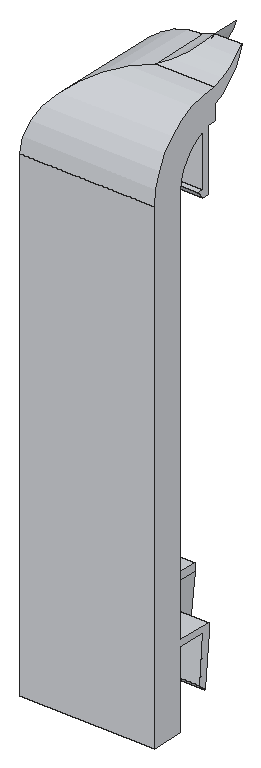
Revit family "HansWeitzel_192", category Allgemeines Modell, Revit 2017
Family settings
  Basisbauteil = Wand
  Kann Basisbauteil für Bewehrung sein = Nein
  Bemaßung runder Anschluss = Durchmesser verwenden
  Teiletyp = Normal
  Immer vertikal = Ja
  Beim Laden mit Abzugskörper schneiden = Nein
  Gemeinsam genutzt = Nein
  Raumberechnungspunkt = Nein
Parameters
  max. Betriebstemperatur (°C) = 90
  Werkstoff = "Polystyrol"
  Wandmontage möglich = yes
  Typname = "HZ-Außenecke BLF Grau"
  Tiefe (mm) = 38
  Profilform = "Eckprofil"
  Profilart = "Außeneckprofil"
  Menge pro Verpackungseinheit = 10
  Ist Zubehör = no
  Ist System = no
  Höhe [mm] = 94
  Hersteller = "Hans Weitzel GmbH & Co. KG"
  HeinzeBIM = "https://www.heinze.de/bim/hz-aussenecke-blf-grau/f1ea9e8189454ad530037374530aabf554af1a13"
  HAN = "192"
  Gewicht unverpackt (netto) [kg] = 0.015
  GTIN = "4022023203615"
  Farbton = "grau"
  Dekor = "Grau"
  Breite [mm] = 70
  Beschreibung = "HZ-Außenecke BLF Grau Formteil an Sollbruchstelle einkürzen"
  BIMSITE_PRODUCT_ID = "f1ea9e8189454ad530037374530aabf554af1a13"
  BIM = "https://media.live.bim.site/t/eyJhbGciOiJIUzI1NiIsInR5cCI6IkpXVCJ9.eyJjdCI6MSwidGYiOiJwdWJsaWMvaGFucy13ZWl0emVsLWdtYmgtY28ta2cvMjI1MGEyZS9IWl9CTEZfQXVzc2VuZWNrZV9CbGluZGxlaXN0ZW4ucmZhIiwiY2lkIjoiZmVkOThlOWEtMWJkOC00YzY4LWE3M2ItNzRhOTRlMzE1ODIzIiwicmlkIjoiMjVmMTM1ZTY5NTJhZGNiMTg4YjdiOTE3NTJhODJlZTMiLCJwaWQiOiJmMWVhOWU4MTg5NDU0YWQ1MzAwMzczNzQ1MzBhYWJmNTU0YWYxYTEzIiwic2lkIjoiNjM1NTgiLCJ1dCI6NSwibGMiOiJkZSIsImlhdCI6MTU4MDEyNzg2MCwiaXNzIjoiaHR0cHM6Ly9hcGkubGl2ZS5iaW0uc2l0ZSIsInN1YiI6ImY1ODZjNGI2LWE1MDgtNDI3YS05ODE4LTEzMTc5NjY1NzZiYyJ9.fagdknqCMA1g8KDQ7LAVj3HO58eFngwnod2_rc7v6AU/HZ_BLF_Aussenecke_Blindleisten.rfa"
Reference planes
  plane 1: y = 0
  plane 2 "Center (Left/Right)": x = 0
  plane 3 "Wall Edge": y = 76.2
Text (mm)
  text "Placement Side" at (0, 1019.848, 3124.603), in view "Right"
  text "Placement Side" at (-1787.662, 723.012, 0), in view "Ref. Level"
  text "Placement Side" at (0, 2073.289, 3571.227), in view "Left"
Dimensions and locks
  locked: plane 3 "Wall Edge" to host wall
  aligned and locked: nested 1 to plane 3 "Wall Edge"
Nested families
  nested 1: "HZ_BLF_Aussenecke_Blindleisten" at (0, 76.2, 0) x (-1, 0, 0) z (0, 0, 1), type "HZ_BLF_Aussenecke_Blindleisten"
Definition of nested family "HZ_BLF_Aussenecke_Blindleisten"
  Reference planes
    plane 1 "Center (Front/Back)": y = 0
    plane 2: z = 0
    plane 3 "Center (Left/Right)": x = 0
  Forms (mm)
    Sweep 1, solid
      path origin (0, 0, 0) x (1, 0, 0) y (0, 1, 0)
        loop
          line (0, -20) -> (0, 0) -> (-20, 0)
      profile origin (-10, 0, 0) x (0, -1, 0) y (0, 0, 1)
        loop
          line (4.634, 12.318) -> (4.634, 71.972)
          arc (4.634, 71.972) -> (5.792, 75.675) -> (8.852, 78.059) r 6.5
          line (8.852, 78.059) -> (8.852, 70.371) -> (7.859, 70.371) -> (8.936, 69.232) -> (9.86, 69.232) -> (9.86, 78.346)
          arc (9.86, 78.346) -> (10.501, 78.442) -> (11.149, 78.472) r 6.5
          line (11.149, 78.472) -> (11.149, 80.736)
          arc (11.149, 80.736) -> (14.243, 83.087) -> (16, 86.553) r 8.67
          arc (16, 86.553) -> (13.909, 84.316) -> (11.146, 82.999) r 8.222
          arc (11.146, 82.999) -> (3.273, 79.83) -> (0, 72) r 11
          line (0, 72) -> (0, 0) -> (4.634, 0) -> (4.634, 11.4) -> (8.843, 11.4) -> (8.277, 4.72) -> (9.15, 3.802) -> (9.87, 11.14) -> (9.87, 12.318) -> (4.634, 12.318)
  Dimensions and locks
    aligned and locked: plane 2 to level
